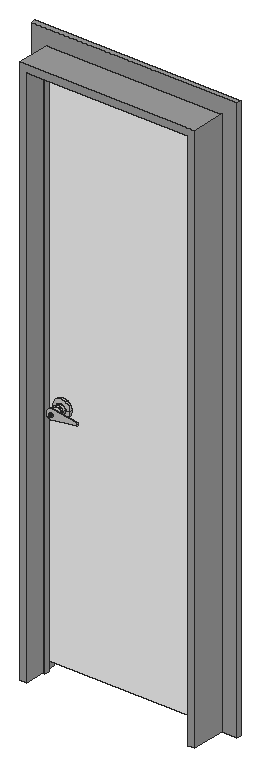
Revit family "MW - Single Door", category Doors, host Wall, Revit 2019
Family settings
  Host = Wall
  Always vertical = Yes
  Cut with Voids When Loaded = No
  Shared = No
  Room Calculation Point = No
Parameters (values of type "24"")
  Type Comments = "24"
  Thickness = 0' - 1 3/8"
  Tag # = 0
  Rough Width = Width + 0' 2"  # 2' - 2"
  Rough Height = 6' - 10 1/2"
  Operation = "Mate Line Swing Door"
  ID Tag = "1"
  Function = Interior
  Frame Width = 0' - 3"
  Fire Rating = "None"
  Door sweep [instance] = 45.00°
  Description = "2'-0\"x6'-8\" MW"
  Assembly Code = "C1020"
  Door Material = Door - Panel
  Frame Material = Door - Frame
  Height = 6' - 10 1/2"
  Wall Closure = By host
  Width = 2' - 0"
  Analytic Construction = "<None>"
Types (7): name | Type Comments | Thickness | Rough Width | Rough Height | Description | Height | Width
  30" | "30" | 0' - 1 3/8" | 2' - 8" | 6' - 10 1/2" | "2'-6\"x6'-8\" MW" | 6' - 10 1/2" | 2' - 6"
  20" | "20" | 0' - 1 3/8" | 1' - 10" | 6' - 10 1/2" | "1'-8\"x6'-8\" MW" | 6' - 10 1/2" | 1' - 8"
  24" | "24" | 0' - 1 3/8" | 2' - 2" | 6' - 10 1/2" | "2'-0\"x6'-8\" MW" | 6' - 10 1/2" | 2' - 0"
  36" | "36" | 0' - 1 3/8" | 3' - 2" | 6' - 10 1/2" | "3'-0\"x6'-8\" MW" | 6' - 10 1/2" | 3' - 0"
  32" | "32" | 0' - 1 3/8" | 2' - 10" | 6' - 10 1/2" | "2'-8\"x6'-8\" MW" | 6' - 10 1/2" | 2' - 8"
  36" x 80" V2 | "36" | 0' - 1 3/4" | 3' - 2" | 6' - 8 1/2" | "3'-0\"x6'-8\" MW" | 6' - 8" | 3' - 0"
  30"x96" V2 | "30" | 0' - 1 3/4" | 2' - 8" | 8' - 0" | "2'-6\"x6'-8\" MW" | 8' - 0" | 2' - 6"
Reference planes (in)
  plane 1: y = 0
  plane 2: z = 0
  plane 3: x = 0.52168
  plane 4 "Left": x = -11.47832
  plane 5: x = 12.52168
  plane 6: z = 82.5
  plane 7 "EXT FACE": y = -1
  plane 8 "INT FACE": y = 3
  plane 9 "Doorknob": x = -8.97832
  plane 10 "Right": x = 12.52168
  plane 11: z = 81.5
  plane 12: y = -2
  plane 13: z = 40.75
Forms (in)
  Extrusion 1, solid, material "Door - Panel" <- "Door Material"
    sketch origin (0, 3, 0) x (1, 0, 0) y (0, 0, 1)
      loop
        line (-11.47832, 81.5) -> (-11.47832, 1.5) -> (12.52168, 1.5) -> (12.52168, 81.5) -> (-11.47832, 81.5)
    from 0 to 1.375
  Extrusion 2, solid, material "Door - Frame", not visible
    sketch origin (-60, 2.75, 0) x (1, 0, 0) y (0, 0, 1)
      loop
        line (78.3125, 80) -> (78.3125, 0) -> (81.3125, 0) -> (81.3125, 83) -> (38.6875, 83) -> (38.6875, 0) -> (41.6875, 0) -> (41.6875, 80) -> (78.3125, 80)
    from 0 to 0.5
  Sweep 3, solid, material "Door - Frame"
    path origin (0, 3, 0) x (1, 0, 0) y (0, 0, 1)
      loop
        line (12.52168, 0) -> (12.52168, 81.5) -> (-11.47832, 81.5) -> (-11.47832, 0)
    profile origin (12.52168, 3, 40.75) x (-1, 0, 0) y (0, -1, 0)
      loop
        line (0, 0) -> (0, 5) -> (-1, 5) -> (-1, 0) -> (0, 0)
  Sweep 4, solid, material "Door - Frame"
    path origin (0, 3, 0) x (1, 0, 0) y (0, 0, 1)
      loop
        line (-11.47832, 0) -> (-11.47832, 81.5) -> (12.52168, 81.5) -> (12.52168, 0)
    profile origin (-11.47832, 3, 40.75) x (-1, 0, 0) y (0, -1, 0)
      loop
        line (0.3125, 0) -> (0.3125, -0.625) -> (3.3125, -0.625) -> (3.3125, 0) -> (0.3125, 0)
  Sweep 5, solid, material "Door - Frame"
    path origin (0, 3, 0) x (1, 0, 0) y (0, 0, 1)
      loop
        line (-11.47832, 0) -> (-11.47832, 81.5) -> (12.52168, 81.5) -> (12.52168, 0)
    profile origin (-11.47832, 3, 40.75) x (-1, 0, 0) y (0, -1, 0)
      loop
        line (0, 1.375) -> (0, 2.125) -> (-0.375, 2.125) -> (-0.375, 1.375) -> (0, 1.375)
Lines and regions (in)
  Opening 1
    outline origin (-60, -1, 144) x (0, 0, -1) y (1, 0, 0)
      loop
        line (61.5, 47.52168) -> (144, 47.52168) -> (144, 73.52168) -> (61.5, 73.52168) -> (61.5, 47.52168)
  symbolic lines, style "Elevation Swing"
    curve 1: line (-11.47832, 0, 81.5) -> (12.52168, 0, 40.75)
    curve 2: line (-11.47832, 0, 1.5) -> (12.52168, 0, 40.75)
  symbolic lines, style "Plan Swing"
    curve 3: line (12.52168, 3, 0) -> (-4.44888, 19.97056, 0)
    curve 4: line (-4.44888, 19.97056, 0) -> (-5.42116, 18.99829, 0)
    curve 5: line (12.52168, 3, 0) -> (11.54941, 2.02773, 0)
    curve 6: line (-5.42116, 18.99829, 0) -> (11.54941, 2.02773, 0)
    curve 7: arc (-4.44888, 19.97056, 0) -> (-9.65143, 12.1844, 0) -> (-11.47832, 3, 0) r 24
Dimensions and locks (in)
  equal spacing: plane 4 "Left", plane 3, plane 5
  "Width": plane 4 "Left" to plane 5
  locked: level to Extrusion 1 at 1.5
  "Width": plane 4 "Left" to plane 10 "Right"
  "Rough Height": plane 6 to level
  locked: plane 4 "Left" to plane 9 "Doorknob" at 2.5
  "Width": curve 4 to curve 5
  locked: curve 6 to curve 3 at 1.375
  locked: Extrusion 1 to Extrusion 1 at 1.375  (x2)
  locked: plane 6 to plane 11 at 1
  locked: Sweep 4 sketch curve to Sweep 3 at 0.3125
  locked: plane 7 "EXT FACE" to plane 12 at 1
  "Frame Width": Sweep 4 sketch curve to Sweep 4 sketch curve
  equal spacing: plane 11, plane 13, level
  angle plane 5 to Extrusion 1 = 270.00°
  "Door sweep": angle curve 3 to host wall
  locked: curve 6 to curve 5 (angle 90.00°)
  aligned and locked: plane 7 "EXT FACE" to host wall
  aligned and locked: plane 8 "INT FACE" to host wall
  aligned and locked: Extrusion 1 sketch curve to plane 4 "Left"
  aligned and locked: plane 4 "Left" to Sweep 3 sketch curve
  aligned and locked: plane 11 to Sweep 3 sketch curve
  aligned and locked: Sweep 3 sketch curve to plane 5
  aligned and locked: Sweep 3 sketch curve to host wall  (x2)
  aligned and locked: plane 12 to Sweep 3 sketch curve
  aligned and locked: Sweep 3 to curve 1
  aligned and locked: plane 13 to curve 2
  aligned and locked: plane 9 "Doorknob" to nested 1
Automatic sketch dimensions
  Extrusion 2 sketch curve to Extrusion 2 sketch curve = 0' - 3"  (x3)
  Extrusion 2 sketch curve to Extrusion 2 sketch curve = 3' - 0 5/8"
  Extrusion 2 sketch curve to Extrusion 2 sketch curve = 0' - 0"
  Extrusion 2 sketch curve to Extrusion 2 sketch curve = 6' - 8"
  Opening 1 sketch curve to plane 6 = 0' - 0"
  Opening 1 sketch curve to level = 0' - 0"
  plane 4 "Left" to Opening 1 sketch curve = 0' - 1"
  plane 5 to Opening 1 sketch curve = 0' - 1"
  Extrusion 1 sketch curve to plane 5 = 0' - 0"
  level to Extrusion 1 sketch curve = 0' - 1 1/2"
  plane 6 to Extrusion 1 sketch curve = 0' - 1"
  Sweep 3 sketch curve to level = 0' - 0"  (x2)
  Sweep 3 sketch curve to profile plane = 0' - 0"
  Sweep 4 sketch curve to plane 4 "Left" = 0' - 0"
  Sweep 4 sketch curve to plane 5 = 0' - 0"
  Sweep 4 sketch curve to level = 0' - 0"  (x2)
  Sweep 4 sketch curve to plane 11 = 0' - 0"
  Sweep 5 sketch curve to plane 4 "Left" = 0' - 0"
  Sweep 5 sketch curve to plane 5 = 0' - 0"
  Sweep 5 sketch curve to level = 0' - 0"  (x2)
  Sweep 5 sketch curve to plane 11 = 0' - 0"
  Sweep 5 sketch curve to profile plane = 0' - 0"
  Sweep 5 sketch curve to Sweep 5 sketch curve = 0' - 0 3/8"
  plane 8 "INT FACE" to Sweep 5 sketch curve = 0' - 1 3/8"
  Sweep 5 sketch curve to Sweep 5 sketch curve = 0' - 0 3/4"
  plane 4 "Left" to curve 1 = 0' - 0"
  curve 1 to plane 11 = 0' - 0"
  plane 4 "Left" to curve 2 = 0' - 0"
  level to curve 2 = 0' - 1 1/2"
  curve 7 to host wall = 0' - 0"
  curve 7 to plane 4 "Left" = 0' - 0"
  curve 5 to host wall = 0' - 0"
  curve 5 to plane 5 = 0' - 0"
  plane 8 "INT FACE" to Sweep 4 sketch curve = 0' - 0"
  Sweep 4 sketch curve to Sweep 4 sketch curve = 0' - 0 5/8"
Nested families (in)
  nested 1: "_HARDWARE_DOOR" at (-8.97832, 1.625, 36) x (-1, 0, 0) z (0, -1, 0), type "_HARDWARE_DOOR"
  nested 2: "HARDWARE_DOOR 2" at (-8.97832, 1.625, 36.01969) x (1, 0, 0) z (0, -1, 0), type "HARDWARE_DOOR 2"
    with M_BUTTON M_PL, M_BODY M_ST
  nested 3: "HARDWARE_DOOR 2" at (-8.97737, 3, 36.03946) x (1, 0, 0) z (0, 1, 0), type "HARDWARE_DOOR 2"
    with M_BUTTON M_PL, M_BODY M_ST
Definition of nested family "_HARDWARE_DOOR"
  Parameters (values of type "_HARDWARE_DOOR")
    M_BUTTON = none
    M_BODY = none
    Default Elevation = 4' - 0"
    B_DOOR = 0' - 1 3/8"
    Analytic Construction = "<None>"
  Reference planes (in)
    plane 1 "Center (Front/Back)": y = 0
    plane 2: z = 0
    plane 3 "Center (Left/Right)": x = 0
  Forms (in)
    Extrusion 1, solid
      sketch origin (0, 0, 0) x (1, 0, 0) y (0, 1, 0)
        loop
          line (-48, 48) -> (-48, -48) -> (48, -48) -> (48, 48) -> (-48, 48)
      from 0 to -12
    Extrusion 2, solid
      sketch origin (0, 0, 0) x (1, 0, 0) y (0, 1, 0)
        loop
          circle (-0.00095, -0.01969) r 1.27953
      from -1.375 to 0
  Dimensions and locks (in)
    Extrusion 2 to Extrusion 2 = 0' - 1 3/8"
    "B_DOOR": Extrusion 1 to Extrusion 2
    Extrusion 1 to nested 1 = 0' - 1.02362"
    nested 1 to nested 1 = 0' - 1.1811"
    plane 3 "Center (Left/Right)" to nested 1 = 0' - 3.74016"
    aligned and locked: plane 2 to Extrusion 1
    aligned and locked: level to Extrusion 1
    aligned and locked: Extrusion 2 to nested 1
  Automatic sketch dimensions
    Extrusion 1 sketch curve to Extrusion 1 sketch curve = 8' - 0"  (x2)
    Extrusion 2 sketch curve to Extrusion 2 sketch curve = 0' - 0"  (x2)
    Extrusion 2 sketch curve to plane 3 "Center (Left/Right)" = 0' - 0.00095"
    plane 1 "Center (Front/Back)" to Extrusion 2 sketch curve = 0' - 0.01969"
    Extrusion 2 sketch curve to Extrusion 2 sketch curve = 0' - 1.27953"
  Nested families (in)
    nested 1: "HARDWARE_DOOR 2" at (0, -0.01969, 0) x (-1, 0, 0) z (0, 0, 1), type "HARDWARE_DOOR 2"
      with M_BUTTON none, M_BODY none
    nested 2: "HARDWARE_DOOR 2" at (-0.00095, -0.03946, -1.375) x (-1, 0, 0) z (0, 0, -1), M_BODY <- "M_BODY", M_BUTTON <- "M_BUTTON", type "HARDWARE_DOOR 2"
      with M_BUTTON none, M_BODY none
  Definition of nested family "HARDWARE_DOOR 2"
    Parameters (values of type "HARDWARE_DOOR 2")
      M_BUTTON [instance] = none
      M_BODY [instance] = none
      Default Elevation = 4' - 0"
      D_DOOR = 0' - 1.37795"
    Reference planes (in)
      plane 1 "Center (Front/Back)": y = 0
      plane 2: z = 0
      plane 3 "Center (Left/Right)": x = 0
    Forms (in)
      Extrusion 1, solid
        sketch origin (0, 0, 0) x (1, 0, 0) y (0, 1, 0)
          loop
            line (-48, 48) -> (-48, -48) -> (48, -48) -> (48, 48) -> (-48, 48)
        from 0 to -12
      Revolve 2, solid, material <- "M_BODY"
        sketch origin (0, 0, 0) x (1, 0, 0) y (0, 0, 1)
          loop
            line (-1.27953, 0) -> (0, 0) -> (0, 2.20472) -> (-0.43307, 2.20472) -> (-0.43307, 1.02362) -> (-0.59096, 1.02362)
            arc (-0.59096, 1.02362) -> (-0.63521, 1.00529) -> (-0.65354, 0.96104) r 0.06258
            line (-0.65354, 0.96104) -> (-0.65354, 0.52369)
            arc (-0.65354, 0.52369) -> (-0.67072, 0.46921) -> (-0.71604, 0.43444) r 0.09498
            line (-0.71604, 0.43444) -> (-1.27953, 0.33508) -> (-1.27953, 0)
          axis (0, 0) -> (0, 2.20472)
        angle from 0 to 360
      Extrusion 3, solid, material <- "M_BODY"
        sketch origin (0, 0, 0) x (1, 0, 0) y (0, 1, 0)
          loop
            line (3.74016, 0) -> (3.74016, 0.2064) -> (0, 0.73205)
            arc (0, 0.73205) -> (-0.73264, -0.00059) -> (0, -0.73323) r 0.73264
            line (0, -0.73323) -> (3.74016, -0.19142) -> (3.74016, 0)
        from 1.9685 to 2.20472
      Extrusion 4, solid, material <- "M_BUTTON"
        sketch origin (0, 0, 0) x (1, 0, 0) y (0, 1, 0)
          loop
            circle (0, 0) r 0.23622
        from 2.20472 to 2.3622
      Extrusion 5, void
        sketch origin (0, 0, 0) x (1, 0, 0) y (0, 1, 0)
          loop
            circle (0, 0) r 0.21654
          loop
            line (-0.18999, -0.01969) -> (0.1919, -0.01969) -> (0.1919, 0.01969) -> (-0.18999, 0.01969) -> (-0.18999, -0.01969)
          loop
            circle (0, 0) r 0.20669
        from 2.34604 to 2.3622
    Cuts and joins
      Extrusion 5 cuts Revolve 2
      Extrusion 5 cuts Extrusion 3
      joined: Revolve 2, Extrusion 3
      Extrusion 5 cuts Extrusion 4
    Dimensions and locks (in)
      cut or joined group of Revolve 2, Extrusion 3, Extrusion 5 to plane 3 "Center (Left/Right)" = 0' - 3.74016"
      cut or joined group of Revolve 2, Extrusion 3, Extrusion 5 to Extrusion 1 = 0' - 1.02362"
      cut or joined group of Revolve 2, Extrusion 3, Extrusion 5 to cut or joined group of Revolve 2, Extrusion 3, Extrusion 5 = 0' - 2.55906"
      cut or joined group of Revolve 2, Extrusion 3, Extrusion 5 to cut or joined group of Revolve 2, Extrusion 3, Extrusion 5 = 0' - 1.1811"
      aligned and locked: plane 2 to Extrusion 1
      aligned and locked: level to Extrusion 1
      aligned and locked: Extrusion 4 to cut or joined group of Revolve 2, Extrusion 3, Extrusion 5
      aligned and locked: cut or joined group of Extrusion 4, Extrusion 5 to Extrusion 5
Definition of nested family "HARDWARE_DOOR 2"
  Parameters (values of type "HARDWARE_DOOR 2")
    M_BUTTON [instance] = none
    M_BODY [instance] = none
    Default Elevation = 4' - 0"
    D_DOOR = 0' - 1.37795"
  Reference planes (in)
    plane 1 "Center (Front/Back)": y = 0
    plane 2: z = 0
    plane 3 "Center (Left/Right)": x = 0
  Forms (in)
    Extrusion 1, solid
      sketch origin (0, 0, 0) x (1, 0, 0) y (0, 1, 0)
        loop
          line (-48, 48) -> (-48, -48) -> (48, -48) -> (48, 48) -> (-48, 48)
      from 0 to -12
    Revolve 2, solid, material <- "M_BODY"
      sketch origin (0, 0, 0) x (1, 0, 0) y (0, 0, 1)
        loop
          line (-1.27953, 0) -> (0, 0) -> (0, 2.20472) -> (-0.43307, 2.20472) -> (-0.43307, 1.02362) -> (-0.59096, 1.02362)
          arc (-0.59096, 1.02362) -> (-0.63521, 1.00529) -> (-0.65354, 0.96104) r 0.06258
          line (-0.65354, 0.96104) -> (-0.65354, 0.52369)
          arc (-0.65354, 0.52369) -> (-0.67072, 0.46921) -> (-0.71604, 0.43444) r 0.09498
          line (-0.71604, 0.43444) -> (-1.27953, 0.33508) -> (-1.27953, 0)
        axis (0, 0) -> (0, 2.20472)
      angle from 0 to 360
    Extrusion 3, solid, material <- "M_BODY"
      sketch origin (0, 0, 0) x (1, 0, 0) y (0, 1, 0)
        loop
          line (3.74016, 0) -> (3.74016, 0.2064) -> (0, 0.73205)
          arc (0, 0.73205) -> (-0.73264, -0.00059) -> (0, -0.73323) r 0.73264
          line (0, -0.73323) -> (3.74016, -0.19142) -> (3.74016, 0)
      from 1.9685 to 2.20472
    Extrusion 4, solid, material <- "M_BUTTON"
      sketch origin (0, 0, 0) x (1, 0, 0) y (0, 1, 0)
        loop
          circle (0, 0) r 0.23622
      from 2.20472 to 2.3622
    Extrusion 5, void
      sketch origin (0, 0, 0) x (1, 0, 0) y (0, 1, 0)
        loop
          circle (0, 0) r 0.21654
        loop
          line (-0.18999, -0.01969) -> (0.1919, -0.01969) -> (0.1919, 0.01969) -> (-0.18999, 0.01969) -> (-0.18999, -0.01969)
        loop
          circle (0, 0) r 0.20669
      from 2.34604 to 2.3622
  Cuts and joins
    Extrusion 5 cuts Revolve 2
    Extrusion 5 cuts Extrusion 3
    joined: Revolve 2, Extrusion 3
    Extrusion 5 cuts Extrusion 4
  Dimensions and locks (in)
    cut or joined group of Revolve 2, Extrusion 3, Extrusion 5 to plane 3 "Center (Left/Right)" = 0' - 3.74016"
    cut or joined group of Revolve 2, Extrusion 3, Extrusion 5 to Extrusion 1 = 0' - 1.02362"
    cut or joined group of Revolve 2, Extrusion 3, Extrusion 5 to cut or joined group of Revolve 2, Extrusion 3, Extrusion 5 = 0' - 2.55906"
    cut or joined group of Revolve 2, Extrusion 3, Extrusion 5 to cut or joined group of Revolve 2, Extrusion 3, Extrusion 5 = 0' - 1.1811"
    aligned and locked: plane 2 to Extrusion 1
    aligned and locked: level to Extrusion 1
    aligned and locked: Extrusion 4 to cut or joined group of Revolve 2, Extrusion 3, Extrusion 5
    aligned and locked: cut or joined group of Extrusion 4, Extrusion 5 to Extrusion 5
